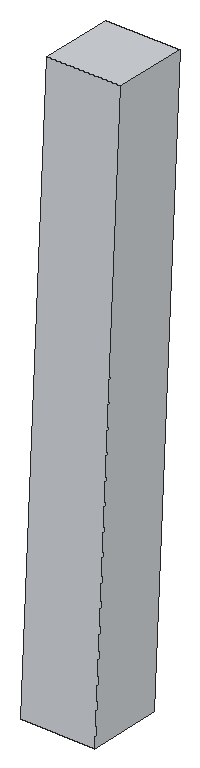
Revit family
Parameters
  기둥각도 [instance] = 75.00°
  y좌표이동(상단) [instance] = 100 mm
  x좌표이동(상단) [instance] = 100 mm
  material = none
  Depth = 500 mm
  Width = 500 mm
Reference planes
  plane 1 "Center (Front/Back)": y = 0
  plane 2: z = 0
  plane 3 "Center (Left/Right)": x = 0
  plane 4 "Left": x = -250
  plane 5 "Right": x = 250
  plane 6 "Back": y = 250
  plane 7 "Front": y = -250
  plane 8: y = 100
  plane 9: x = 100
Forms (mm)
  Blend 1, solid, material <- "material"
    base sketch origin (0, 0, 0) x (1, 0, 0) y (0, 1, 0)
      loop
        line (-250, 250) -> (-250, -250) -> (250, -250) -> (250, 250) -> (-250, 250)
    top sketch origin (0, 0, 0) x (1, 0, 0) y (0, 1, 0)
      loop
        line (-150, 350) -> (-150, -150) -> (350, -150) -> (350, 350) -> (-150, 350)
    from 0 to 4000
Dimensions and locks
  equal spacing: plane 4 "Left", plane 3 "Center (Left/Right)", plane 5 "Right"
  equal spacing: plane 7 "Front", plane 1 "Center (Front/Back)", plane 6 "Back"
  "Width": plane 4 "Left" to plane 5 "Right"
  "Depth": plane 7 "Front" to plane 6 "Back"
  equal spacing: Blend 1 sketch curve, plane 8, Blend 1 sketch curve
  equal spacing: Blend 1 sketch curve, plane 9, Blend 1 sketch curve
  "Depth": Blend 1 sketch curve to Blend 1 sketch curve
  "Width": Blend 1 sketch curve to Blend 1 sketch curve
  "x좌표이동(상단)": plane 3 "Center (Left/Right)" to plane 9
  "y좌표이동(상단)": plane 1 "Center (Front/Back)" to plane 8
  aligned and locked: plane 4 "Left" to Blend 1 sketch curve
  aligned and locked: plane 6 "Back" to Blend 1 sketch curve
  aligned and locked: plane 7 "Front" to Blend 1 sketch curve
  aligned and locked: plane 5 "Right" to Blend 1 sketch curve
  aligned and locked: level to Blend 1
